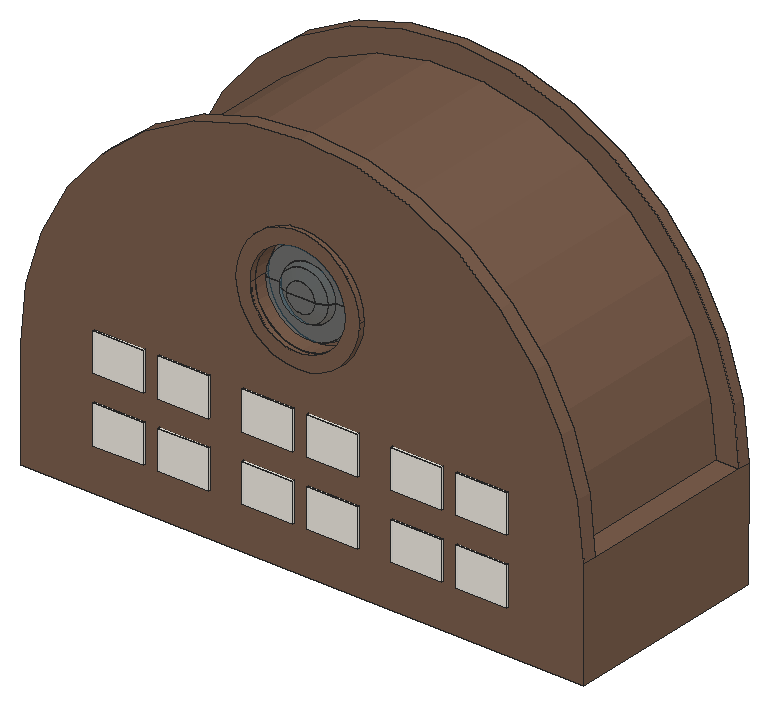
Revit family "Lighting - Alva Wallis Wall Sconce", category Lighting Fixtures, host Face, Revit 2021 (continued)
Dimensions and locks (in)
  locked: plane 5 "Bottom" to plane 1 "Center (Front/Back)" at 2.5
  aligned and locked: plane 2 to host face
  aligned and locked: level to host face
  aligned and locked: imposter light to plane 3 "Center (Left/Right)"
  aligned and locked: level to imposter light
  aligned and locked: plane 4 "Top" to Extrusion 1
  aligned and locked: plane 5 "Bottom" to Extrusion 1
  aligned and locked: plane 5 "Bottom" to imposter light
  aligned and locked: Revolve 5 sketch curve to imposter light
  aligned and locked: Revolve 5 sketch curve to plane 3 "Center (Left/Right)"
Automatic sketch dimensions
  host sketch curve to host sketch curve = 8' - 0"  (x2)
  Extrusion 1 sketch curve to level = 0' - 0"
  Extrusion 1 sketch curve to plane 3 "Center (Left/Right)" = 0' - 0"
  Extrusion 1 sketch curve to plane 3 "Center (Left/Right)" = 0' - 6 27/32"
  Extrusion 1 sketch curve to level = 0' - 2.64001"
  Extrusion 2 sketch curve to Extrusion 2 sketch curve = 0' - 0"  (x2)
  Extrusion 2 sketch curve to plane 3 "Center (Left/Right)" = 0' - 0"
  Extrusion 2 sketch curve to level = 0' - 6.04035"
  Extrusion 3 sketch curve to Extrusion 3 sketch curve = 0' - 0"
  Extrusion 3 sketch curve to plane 3 "Center (Left/Right)" = 0' - 0"
  Extrusion 3 sketch curve to level = 0' - 2.64001"
  Extrusion 3 sketch curve to plane 3 "Center (Left/Right)" = 0' - 6.28258"
  Extrusion 3 sketch curve to Extrusion 3 sketch curve = 0' - 0.84747"
  Extrusion 4 sketch curve to Extrusion 4 sketch curve = 0' - 0"  (x2)
  Extrusion 4 sketch curve to plane 3 "Center (Left/Right)" = 0' - 0"
  Extrusion 4 sketch curve to level = 0' - 6.04035"
  Extrusion 4 sketch curve to plane 3 "Center (Left/Right)" = 0' - 1.15442"
  plane 5 "Bottom" to Revolve 5 sketch curve = 0' - 0.02573"
  Revolve 5 sketch curve to Revolve 5 sketch curve = 0' - 0.34507"
  Revolve 5 sketch curve to plane 5 "Bottom" = 0' - 0.0659"
  Revolve 5 sketch curve to Revolve 5 sketch curve = 0' - 0.25175"
  Revolve 5 sketch curve to plane 5 "Bottom" = 0' - 0.21049"
  Revolve 5 sketch curve to Revolve 5 sketch curve = 0' - 0.06742"
  Revolve 5 sketch curve to Revolve 5 sketch curve = 0' - 0.37233"
  Revolve 5 sketch curve to plane 5 "Bottom" = 0' - 0.55301"
  Revolve 5 sketch curve to Revolve 5 sketch curve = 0' - 0.13148"
  Revolve 5 sketch curve to Revolve 5 sketch curve = 0' - 0.17961"
  Revolve 5 sketch curve to Revolve 5 sketch curve = 0' - 0.22635"
  Extrusion 6 sketch curve to plane 3 "Center (Left/Right)" = 0' - 5.02756"
  Extrusion 6 sketch curve to Extrusion 6 sketch curve = 0' - 0"  (x10)
  Extrusion 6 sketch curve to Extrusion 6 sketch curve = 0' - 1.23622"  (x7)
  Extrusion 6 sketch curve to Extrusion 6 sketch curve = 0' - 0.33858"  (x4)
  Extrusion 6 sketch curve to Extrusion 6 sketch curve = 0' - 0.81102"  (x4)
  Extrusion 6 sketch curve to plane 3 "Center (Left/Right)" = 0' - 0.16929"  (x2)
  plane 3 "Center (Left/Right)" to Extrusion 6 sketch curve = 0' - 0.16929"  (x2)
  Extrusion 6 sketch curve to level = 0' - 1.06299"  (x5)
  Extrusion 6 sketch curve to Extrusion 6 sketch curve = 0' - 0.94469"  (x8)
  Extrusion 6 sketch curve to Extrusion 6 sketch curve = 0' - 0.63011"  (x5)
  radius of Extrusion 2 sketch curve = 0' - 1 1/2"
  radius of Extrusion 2 sketch curve = 0' - 1.15442"
Types (5): name | built-in parameter 1150134 | Model | built-in parameter 1150107
  (no name) | 12 | "WALLIS 4000 M2 DB" | 4000 (stored number, unit not read)
  3000K | (empty or 0) | "WALLIS 3000 M2 DB" | 3000 (stored number, unit not read)
  2700K | (empty or 0) | "WALLIS 2700 M2 DB" | 2700 (stored number, unit not read)
  3500K | (empty or 0) | "WALLIS 3500 M2 DB" | 3500 (stored number, unit not read)
  4000K | 12 | "WALLIS 4000 M2 DB" | 4000 (stored number, unit not read)
